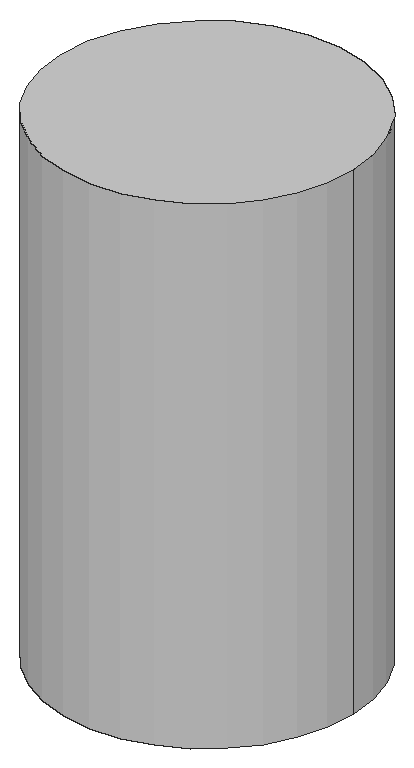
Revit family "Hormigón-Redondo-Pilar-coordenadas", category Pilares estructurales, Revit 2019
Family settings
  Mostrar en vistas ocultas = Bordes ocultos por otros elementos
  Forma de sección = Sin definir
  Material para comportamiento de modelo = Hormigón
  Exportar siempre como geometría = No
  Reducción de viga en plano = Desde geometría
  Corte con vacíos al cargar = No
  Representación simbólica = Desde familia
  Compartido = No
  Mostrar corte previo de familia en vistas de plano = Sí
Parameters (values of type "1500")
  b = 1500 mm
  Y [instance] = 0
  X [instance] = 0
  Nota clave = "20.20.10.10"
  Structural Material [instance] = Hormigón - Hormigón moldeado in situ
Types (7, lengths in mm): name | b | Nota clave
  300 | 300 | 0
  450 | 450 | 0
  600 | 600 | 0
  750 | 750 | 0
  1000 | 1000 | 0
  200 | 200 | 0
  1500 | 1500 | "20.20.10.10"
Reference planes
  plane 1 "Centro (Frontal/Posterior)": y = 0
  plane 2: z = 0
  plane 3 "Centro (Izquierda/Derecha)": x = 0
  plane 4: x = -750
  plane 5: x = 750
  plane 6: y = 750
  plane 7: y = -750
Forms (mm)
  Extrusion 1, solid, material "Hormigón - Hormigón moldeado in situ" <- "Structural Material"
    sketch origin (0, 0, 0) x (1, 0, 0) y (0, 1, 0)
      loop
        circle (0, 0) r 750
    from 0 to 2500
Dimensions and locks
  equal spacing: plane 4, plane 3 "Centro (Izquierda/Derecha)", plane 5
  equal spacing: plane 7, plane 1 "Centro (Frontal/Posterior)", plane 6
  "b": plane 7 to plane 6
  "b": plane 4 to plane 5
  aligned and locked: level to Extrusion 1
  aligned and locked: level to plane 2
  aligned and locked: Extrusion 1 to plane 2
Automatic sketch dimensions
  Extrusion 1 sketch curve to plane 1 "Centro (Frontal/Posterior)" = 0 mm
  Extrusion 1 sketch curve to plane 4 = 0 mm
  Extrusion 1 sketch curve to plane 3 "Centro (Izquierda/Derecha)" = 0 mm
